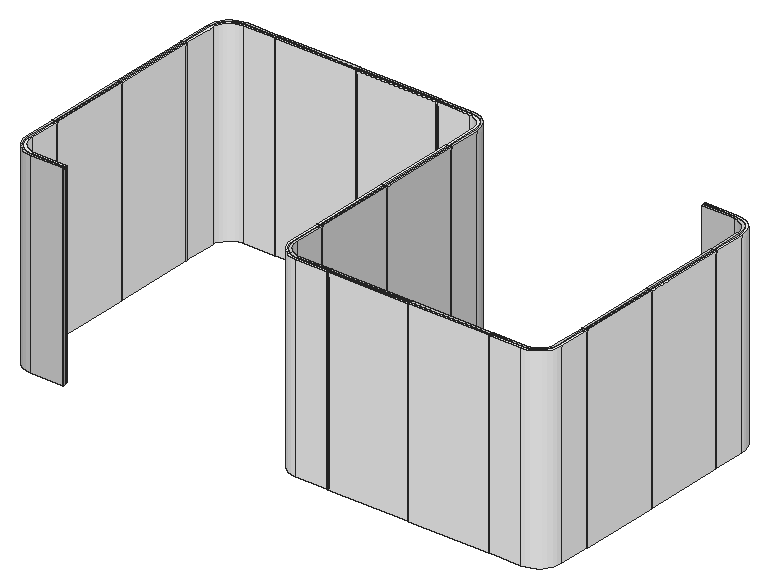
Revit family "NBS_Senator_MeetingPods_TeamSpace_PDTS18", category Furniture, Revit 2018
Family settings
  Work Plane-Based = No
  Always vertical = Yes
  Cut with Voids When Loaded = No
  Shared = No
  Room Calculation Point = No
Parameters
  WarrantyStartDate [instance] = "1900-12-31T23:59:59"
  WarrantyGuarantorParts = "contactus@thesenatorgroup.com"
  WarrantyGuarantorLabor = "n/a"
  WarrantyDurationUnit = "year"
  WarrantyDurationParts = "10"
  WarrantyDurationLabor = "n/a"
  WarrantyDescription = "Senator warrants that its manufactured products are free from manufacturing defects - in materials or workmanship - for a period of ten (10) years on Senator Seating ranges; and fifteen (15) years on Senator Desking ranges - exceptions are listed below. Senator will repair or replace (at Senator’s sole discretion) with comparable free of charge materials / components, any product / component, which fails under normal use in a single shift environment, as a result of a defect in the materials and / or workmanship"
  Version = "1"  # constant formula
  Uniclass2015Version = "Products v1.16"
  Uniclass2015Title = "Pr_40_50_12_53"
  Uniclass2015Code = "Meeting pods"
  TagNumber [instance] = "n/a"
  SustainabilityPerformance = "99% recyclable"
  Style = "Pods"
  Status = "UNSET"
  Size = "2500 x 1800 x 4950 mm"
  Shape = "n/a"
  SerialNumber [instance] = "n/a"
  SeatWidth = "n/a"
  SeatDepth = "n/a"
  Revision = "n/a"
  ReplacementCost = "n/a"
  Reference = "n/a"
  ProductInformation = "n/a"
  PodWidth = 4950 mm  # constant formula
  PodHeight = 1800 mm  # constant formula
  PodDepth = 2500 mm  # constant formula
  PanelWidth = 50 mm  # constant formula
  WallPanelBMaterial = NBS_Senator_White
  WallPanelAMaterial = NBS_Senator_StAndrews
  NominalWidth = 4950 mm
  NominalLength = 4950 mm
  NominalHeight = 1800 mm
  NominalDepth = 2500 mm
  Name = "MeetingPods_TeamSpace_PDTS18_Senator"
  NBSReference = "45-35-20/342"
  NBSDescription = "Meeting pods"
  NBSCertification = "www.nationalbimlibrary.com/cert/pp5ag0gz"
  ModelReference = "Pods-TeamSpace_PDTS18"
  ModelNumber = "PDTS18"
  Material = "Fabric, metal, plastic"
  ManufacturerURL = "www.senator.co.uk"
  ManufacturerName = "The Senator Group"
  Manufacturer = "sales@senator.co.uk"  # constant formula
  MainColor = "n/a"
  IsBuiltIn = no
  InstallationDate [instance] = "1900-12-31T23:59:59"
  MiddlePanelMaterial = NBS_Senator_White
  IfcExportType = "USERDEFINED"  # constant formula
  IfcExportAs = "IfcFurnitureType"  # constant formula
  Grade = "n/a"
  FramesColour = "Black, white"
  FinishOptions = "Carini walnut, mocha, autumn, strata oak, maple, highland oak, beech, winter oak, hacienda white, white, light grey, denim, clay, lemon sorbet"
  Finish = "Outer vertical panels upholstered in camira, blazer fabric Two tone is standard"
  Features = "Internal frame with multi-layered acoustic foam, levelling adjusters, blazer fabric, outer vertical panels"
  FabricFinishOptions = "Plymouth, fairfield, latymer, lancaster, silcoates, silverdale, st andrews, trevelyan, ulster, wellington, wesley, manchester,"
  ExpectedLife = "10"
  DurationUnit = "year"
  Description = "Double meeting space optimises interior space"
  Constituents = "n/a"
  Color = "n/a"
  CodePerformance = "n/a"
  Category = "Pr_40_50_12_53: Meeting pods"
  BarCode [instance] = "n/a"
  BIMObjectName = "NBS_Senator_MeetingPods_TeamSpace_PDTS18"
  Author = "NBS"  # constant formula
  AssetType = "Fixed"
  AssetIdentifier [instance] = "n/a"
  Accessories = "Monitor arms, PU desk accessories, desk top accessories, CPU holders, electrical accessories, coat hanger, name plate, A2 dry wipe board with hanger, A3 dry wipe board with hanger"
  AccessibilityPerformance = "n/a"
Reference planes
  plane 1 "Center (Front/Back)": y = 0
  plane 2 "Bottom": z = 0
  plane 3 "Center (Left/Right)": x = 0
  plane 4 "Left": x = -2475
  plane 5 "Right": x = 2475
  plane 6 "Back": y = 1250
  plane 7 "Front": y = -1250
  plane 8 "Top": z = 1800
  plane 9: y = 748.193
  plane 10: y = 747.193
  plane 11: y = 773.266
  plane 12: x = 2455
  plane 13: x = -2455
  plane 14: y = 1230
  plane 15: y = -1230
  plane 16: x = -25
  plane 17: x = 25
  plane 18: x = 5
  plane 19: x = -5
  plane 20: y = 1220
  plane 21: y = 1200
  plane 22: x = -2445
  plane 23: x = -2425
  plane 24: y = -1220
  plane 25: y = -1200
  plane 26: x = 2445
  plane 27: x = 2425
  plane 28: y = 0.893
  plane 29: y = -0.107
  plane 30: y = -746.406
  plane 31: y = -747.406
  plane 32: y = -772.479
  plane 33: x = -1970.593
  plane 34: x = -1994.875
  plane 35: x = -1968.8
  plane 36: x = -1969.8
  plane 37: x = -1222.5
  plane 38: x = -1221.5
  plane 39: x = -475.201
  plane 40: x = -474.201
  plane 41: x = -449.13
  plane 42: y = 772.473
  plane 43: y = 747.4
  plane 44: y = 746.4
  plane 45: y = -0.9
  plane 46: y = -747.199
  plane 47: y = -748.199
  plane 48: y = -773.272
  plane 49: x = 449.035
  plane 50: x = 474.108
  plane 51: x = 475.108
  plane 52: x = 1221.408
  plane 53: x = 1222.408
  plane 54: x = 1968.707
  plane 55: x = 1969.707
  plane 56: x = 1994.78
  plane 57: y = -774.065
  plane 58: y = -748.992
  plane 59: y = -747.992
  plane 60: y = -1.692
  plane 61: y = -0.692
  plane 62: y = 745.607
  plane 63: y = 746.607
  plane 64: y = 771.68
  plane 65: x = 1970.5
Forms (mm)
  Extrusion 1, solid, material "NBS_Senator_White" <- "MiddlePanelMaterial", detail levels medium+fine
    sketch origin (0, 0, 0) x (1, 0, 0) y (0, 1, 0)
      loop
        line (-2455, 773.266) -> (-2455, -772.479) -> (-2445, -772.479) -> (-2445, 773.266) -> (-2455, 773.266)
      loop
        line (-1994.875, 1230) -> (-1994.875, 1220) -> (-449.13, 1220) -> (-449.13, 1230) -> (-1994.875, 1230)
      loop
        line (-5, 772.473) -> (-5, -773.272) -> (5, -773.272) -> (5, 772.473) -> (-5, 772.473)
      loop
        line (449.035, -1220) -> (449.035, -1230) -> (1994.78, -1230) -> (1994.78, -1220) -> (449.035, -1220)
      loop
        line (2455, -774.065) -> (2455, 771.68) -> (2445, 771.68) -> (2445, -774.065) -> (2455, -774.065)
    from 0 to 1800
  Extrusion 2, solid, material "NBS_Senator_White" <- "WallPanelBMaterial", detail levels medium+fine
    sketch origin (0, 0, 0) x (1, 0, 0) y (0, 1, 0)
      loop
        arc (-2440, -747.406) -> (-2443.536, -748.871) -> (-2445, -752.406) r 5
        line (-2445, -752.406) -> (-2445, -1045)
        arc (-2445, -1045) -> (-2393.744, -1168.744) -> (-2270, -1220) r 175
        line (-2270, -1220) -> (-1975.593, -1220)
        arc (-1975.593, -1220) -> (-1972.057, -1218.536) -> (-1970.593, -1215) r 5
        line (-1970.593, -1215) -> (-1970.593, -1205)
        arc (-1970.593, -1205) -> (-1972.057, -1201.464) -> (-1975.593, -1200) r 5
        line (-1975.593, -1200) -> (-2270, -1200)
        arc (-2270, -1200) -> (-2379.602, -1154.602) -> (-2425, -1045) r 155
        line (-2425, -1045) -> (-2425, -752.406)
        arc (-2425, -752.406) -> (-2426.464, -748.871) -> (-2430, -747.406) r 5
        line (-2430, -747.406) -> (-2440, -747.406)
      loop
        arc (-2440, -0.107) -> (-2443.536, -1.571) -> (-2445, -5.107) r 5
        line (-2445, -5.107) -> (-2445, -741.406)
        arc (-2445, -741.406) -> (-2443.536, -744.942) -> (-2440, -746.406) r 5
        line (-2440, -746.406) -> (-2430, -746.406)
        arc (-2430, -746.406) -> (-2426.464, -744.942) -> (-2425, -741.406) r 5
        line (-2425, -741.406) -> (-2425, -5.107)
        arc (-2425, -5.107) -> (-2426.464, -1.571) -> (-2430, -0.107) r 5
        line (-2430, -0.107) -> (-2440, -0.107)
      loop
        arc (-2440, 747.193) -> (-2443.536, 745.729) -> (-2445, 742.193) r 5
        line (-2445, 742.193) -> (-2445, 5.893)
        arc (-2445, 5.893) -> (-2443.536, 2.358) -> (-2440, 0.893) r 5
        line (-2440, 0.893) -> (-2430, 0.893)
        arc (-2430, 0.893) -> (-2426.464, 2.358) -> (-2425, 5.893) r 5
        line (-2425, 5.893) -> (-2425, 742.193)
        arc (-2425, 742.193) -> (-2426.464, 745.729) -> (-2430, 747.193) r 5
        line (-2430, 747.193) -> (-2440, 747.193)
      loop
        arc (-2430, 748.193) -> (-2426.464, 749.658) -> (-2425, 753.193) r 5
        line (-2425, 753.193) -> (-2425, 1044)
        arc (-2425, 1044) -> (-2379.309, 1154.309) -> (-2269, 1200) r 156
        line (-2269, 1200) -> (-1974.8, 1200)
        arc (-1974.8, 1200) -> (-1971.265, 1201.464) -> (-1969.8, 1205) r 5
        line (-1969.8, 1205) -> (-1969.8, 1215)
        arc (-1969.8, 1215) -> (-1971.265, 1218.536) -> (-1974.8, 1220) r 5
        line (-1974.8, 1220) -> (-2270, 1220)
        arc (-2270, 1220) -> (-2393.744, 1168.744) -> (-2445, 1045) r 175
        line (-2445, 1045) -> (-2445, 753.193)
        arc (-2445, 753.193) -> (-2443.536, 749.658) -> (-2440, 748.193) r 5
        line (-2440, 748.193) -> (-2430, 748.193)
      loop
        arc (-1963.8, 1220) -> (-1967.336, 1218.536) -> (-1968.8, 1215) r 5
        line (-1968.8, 1215) -> (-1968.8, 1205)
        arc (-1968.8, 1205) -> (-1967.336, 1201.464) -> (-1963.8, 1200) r 5
        line (-1963.8, 1200) -> (-1227.5, 1200)
        arc (-1227.5, 1200) -> (-1223.965, 1201.464) -> (-1222.5, 1205) r 5
        line (-1222.5, 1205) -> (-1222.5, 1215)
        arc (-1222.5, 1215) -> (-1223.965, 1218.536) -> (-1227.5, 1220) r 5
        line (-1227.5, 1220) -> (-1963.8, 1220)
      loop
        arc (-1216.5, 1220) -> (-1220.036, 1218.536) -> (-1221.5, 1215) r 5
        line (-1221.5, 1215) -> (-1221.5, 1205)
        arc (-1221.5, 1205) -> (-1220.036, 1201.464) -> (-1216.5, 1200) r 5
        line (-1216.5, 1200) -> (-480.201, 1200)
        arc (-480.201, 1200) -> (-476.665, 1201.464) -> (-475.201, 1205) r 5
        line (-475.201, 1205) -> (-475.201, 1215)
        arc (-475.201, 1215) -> (-476.665, 1218.536) -> (-480.201, 1220) r 5
        line (-480.201, 1220) -> (-1216.5, 1220)
      loop
        line (-20, 747.4) -> (-10, 747.4)
        arc (-10, 747.4) -> (-6.464, 748.865) -> (-5, 752.4) r 5
        line (-5, 752.4) -> (-5, 1045)
        arc (-5, 1045) -> (-56.256, 1168.744) -> (-180, 1220) r 175
        line (-180, 1220) -> (-469.201, 1220)
        arc (-469.201, 1220) -> (-472.736, 1218.536) -> (-474.201, 1215) r 5
        line (-474.201, 1215) -> (-474.201, 1205)
        arc (-474.201, 1205) -> (-472.736, 1201.464) -> (-469.201, 1200) r 5
        line (-469.201, 1200) -> (-181, 1200)
        arc (-181, 1200) -> (-70.691, 1154.309) -> (-25, 1044) r 156
        line (-25, 1044) -> (-25, 752.4)
        arc (-25, 752.4) -> (-23.536, 748.865) -> (-20, 747.4) r 5
      loop
        arc (-20, 746.4) -> (-23.536, 744.936) -> (-25, 741.4) r 5
        line (-25, 741.4) -> (-25, 5)
        arc (-25, 5) -> (-23.536, 1.464) -> (-20, 0) r 5
        line (-20, 0) -> (-10, 0)
        arc (-10, 0) -> (-6.464, 1.464) -> (-5, 5) r 5
        line (-5, 5) -> (-5, 741.4)
        arc (-5, 741.4) -> (-6.464, 744.936) -> (-10, 746.4) r 5
        line (-10, 746.4) -> (-20, 746.4)
      loop
        arc (-20, -0.9) -> (-23.536, -2.364) -> (-25, -5.9) r 5
        line (-25, -5.9) -> (-25, -742.199)
        arc (-25, -742.199) -> (-23.536, -745.735) -> (-20, -747.199) r 5
        line (-20, -747.199) -> (-10, -747.199)
        arc (-10, -747.199) -> (-6.464, -745.735) -> (-5, -742.199) r 5
        line (-5, -742.199) -> (-5, -5.9)
        arc (-5, -5.9) -> (-6.464, -2.364) -> (-10, -0.9) r 5
        line (-10, -0.9) -> (-20, -0.9)
      loop
        arc (-20, -748.199) -> (-23.536, -749.664) -> (-25, -753.199) r 5
        line (-25, -753.199) -> (-25, -1040)
        arc (-25, -1040) -> (36.508, -1188.492) -> (185, -1250) r 210
        line (185, -1250) -> (469.108, -1250)
        arc (469.108, -1250) -> (472.644, -1248.536) -> (474.108, -1245) r 5
        line (474.108, -1245) -> (474.108, -1235)
        arc (474.108, -1235) -> (472.644, -1231.464) -> (469.108, -1230) r 5
        line (469.108, -1230) -> (180, -1230)
        arc (180, -1230) -> (49.185, -1175.815) -> (-5, -1045) r 185
        line (-5, -1045) -> (-5, -753.199)
        arc (-5, -753.199) -> (-6.464, -749.664) -> (-10, -748.199) r 5
        line (-10, -748.199) -> (-20, -748.199)
      loop
        arc (480.108, -1230) -> (476.573, -1231.464) -> (475.108, -1235) r 5
        line (475.108, -1235) -> (475.108, -1245)
        arc (475.108, -1245) -> (476.573, -1248.536) -> (480.108, -1250) r 5
        line (480.108, -1250) -> (1216.408, -1250)
        arc (1216.408, -1250) -> (1219.943, -1248.536) -> (1221.408, -1245) r 5
        line (1221.408, -1245) -> (1221.408, -1235)
        arc (1221.408, -1235) -> (1219.943, -1231.464) -> (1216.408, -1230) r 5
        line (1216.408, -1230) -> (480.108, -1230)
      loop
        arc (1227.408, -1230) -> (1223.872, -1231.464) -> (1222.408, -1235) r 5
        line (1222.408, -1235) -> (1222.408, -1245)
        arc (1222.408, -1245) -> (1223.872, -1248.536) -> (1227.408, -1250) r 5
        line (1227.408, -1250) -> (1963.707, -1250)
        arc (1963.707, -1250) -> (1967.243, -1248.536) -> (1968.707, -1245) r 5
        line (1968.707, -1245) -> (1968.707, -1235)
        arc (1968.707, -1235) -> (1967.243, -1231.464) -> (1963.707, -1230) r 5
        line (1963.707, -1230) -> (1227.408, -1230)
      loop
        arc (2265, -1250) -> (2413.492, -1188.492) -> (2475, -1040) r 210
        line (2475, -1040) -> (2475, -753.992)
        arc (2475, -753.992) -> (2473.536, -750.457) -> (2470, -748.992) r 5
        line (2470, -748.992) -> (2460, -748.992)
        arc (2460, -748.992) -> (2456.464, -750.457) -> (2455, -753.992) r 5
        line (2455, -753.992) -> (2455, -1045)
        arc (2455, -1045) -> (2400.815, -1175.815) -> (2270, -1230) r 185
        line (2270, -1230) -> (1974.707, -1230)
        arc (1974.707, -1230) -> (1971.172, -1231.464) -> (1969.707, -1235) r 5
        line (1969.707, -1235) -> (1969.707, -1245)
        arc (1969.707, -1245) -> (1971.172, -1248.536) -> (1974.707, -1250) r 5
        line (1974.707, -1250) -> (2265, -1250)
      loop
        arc (2470, -747.992) -> (2473.536, -746.528) -> (2475, -742.992) r 5
        line (2475, -742.992) -> (2475, -6.692)
        arc (2475, -6.692) -> (2473.536, -3.157) -> (2470, -1.692) r 5
        line (2470, -1.692) -> (2460, -1.692)
        arc (2460, -1.692) -> (2456.464, -3.157) -> (2455, -6.692) r 5
        line (2455, -6.692) -> (2455, -742.992)
        arc (2455, -742.992) -> (2456.464, -746.528) -> (2460, -747.992) r 5
        line (2460, -747.992) -> (2470, -747.992)
      loop
        arc (2460, 745.607) -> (2456.464, 744.143) -> (2455, 740.607) r 5
        line (2455, 740.607) -> (2455, 4.308)
        arc (2455, 4.308) -> (2456.464, 0.772) -> (2460, -0.692) r 5
        line (2460, -0.692) -> (2470, -0.692)
        arc (2470, -0.692) -> (2473.536, 0.772) -> (2475, 4.308) r 5
        line (2475, 4.308) -> (2475, 740.607)
        arc (2475, 740.607) -> (2473.536, 744.143) -> (2470, 745.607) r 5
        line (2470, 745.607) -> (2460, 745.607)
      loop
        arc (2470, 746.607) -> (2473.536, 748.072) -> (2475, 751.607) r 5
        line (2475, 751.607) -> (2475, 1040)
        arc (2475, 1040) -> (2413.492, 1188.492) -> (2265, 1250) r 210
        line (2265, 1250) -> (1975.5, 1250)
        arc (1975.5, 1250) -> (1971.964, 1248.536) -> (1970.5, 1245) r 5
        line (1970.5, 1245) -> (1970.5, 1235)
        arc (1970.5, 1235) -> (1971.964, 1231.464) -> (1975.5, 1230) r 5
        line (1975.5, 1230) -> (2270, 1230)
        arc (2270, 1230) -> (2400.815, 1175.815) -> (2455, 1045) r 185
        line (2455, 1045) -> (2455, 751.607)
        arc (2455, 751.607) -> (2456.464, 748.072) -> (2460, 746.607) r 5
        line (2460, 746.607) -> (2470, 746.607)
    from 0 to 1800
  Extrusion 3, solid, material "NBS_Senator_StAndrews" <- "WallPanelAMaterial", detail levels medium+fine
    sketch origin (0, 0, 0) x (1, 0, 0) y (0, 1, 0)
      loop
        arc (-1975.593, -1250) -> (-1972.057, -1248.536) -> (-1970.593, -1245) r 5
        line (-1970.593, -1245) -> (-1970.593, -1235)
        arc (-1970.593, -1235) -> (-1972.057, -1231.464) -> (-1975.593, -1230) r 5
        line (-1975.593, -1230) -> (-2270, -1230)
        arc (-2270, -1230) -> (-2400.815, -1175.815) -> (-2455, -1045) r 185
        line (-2455, -1045) -> (-2455, -752.406)
        arc (-2455, -752.406) -> (-2456.464, -748.871) -> (-2460, -747.406) r 5
        line (-2460, -747.406) -> (-2470, -747.406)
        arc (-2470, -747.406) -> (-2473.536, -748.871) -> (-2475, -752.406) r 5
        line (-2475, -752.406) -> (-2475, -1040)
        arc (-2475, -1040) -> (-2413.492, -1188.492) -> (-2265, -1250) r 210
        line (-2265, -1250) -> (-1975.593, -1250)
      loop
        line (-2470, -746.406) -> (-2460, -746.406)
        arc (-2460, -746.406) -> (-2456.464, -744.942) -> (-2455, -741.406) r 5
        line (-2455, -741.406) -> (-2455, -5.107)
        arc (-2455, -5.107) -> (-2456.464, -1.571) -> (-2460, -0.107) r 5
        line (-2460, -0.107) -> (-2470, -0.107)
        arc (-2470, -0.107) -> (-2473.536, -1.571) -> (-2475, -5.107) r 5
        line (-2475, -5.107) -> (-2475, -741.406)
        arc (-2475, -741.406) -> (-2473.536, -744.942) -> (-2470, -746.406) r 5
      loop
        line (-2470, 0.893) -> (-2460, 0.893)
        arc (-2460, 0.893) -> (-2456.464, 2.358) -> (-2455, 5.893) r 5
        line (-2455, 5.893) -> (-2455, 742.193)
        arc (-2455, 742.193) -> (-2456.464, 745.729) -> (-2460, 747.193) r 5
        line (-2460, 747.193) -> (-2470, 747.193)
        arc (-2470, 747.193) -> (-2473.536, 745.729) -> (-2475, 742.193) r 5
        line (-2475, 742.193) -> (-2475, 5.893)
        arc (-2475, 5.893) -> (-2473.536, 2.358) -> (-2470, 0.893) r 5
      loop
        line (-2470, 748.193) -> (-2460, 748.193)
        arc (-2460, 748.193) -> (-2456.464, 749.658) -> (-2455, 753.193) r 5
        line (-2455, 753.193) -> (-2455, 1045)
        arc (-2455, 1045) -> (-2400.815, 1175.815) -> (-2270, 1230) r 185
        line (-2270, 1230) -> (-1974.8, 1230)
        arc (-1974.8, 1230) -> (-1971.265, 1231.464) -> (-1969.8, 1235) r 5
        line (-1969.8, 1235) -> (-1969.8, 1245)
        arc (-1969.8, 1245) -> (-1971.265, 1248.536) -> (-1974.8, 1250) r 5
        line (-1974.8, 1250) -> (-2265, 1250)
        arc (-2265, 1250) -> (-2413.492, 1188.492) -> (-2475, 1040) r 210
        line (-2475, 1040) -> (-2475, 753.193)
        arc (-2475, 753.193) -> (-2473.536, 749.658) -> (-2470, 748.193) r 5
      loop
        arc (-1963.8, 1250) -> (-1967.336, 1248.536) -> (-1968.8, 1245) r 5
        line (-1968.8, 1245) -> (-1968.8, 1235)
        arc (-1968.8, 1235) -> (-1967.336, 1231.464) -> (-1963.8, 1230) r 5
        line (-1963.8, 1230) -> (-1227.5, 1230)
        arc (-1227.5, 1230) -> (-1223.965, 1231.464) -> (-1222.5, 1235) r 5
        line (-1222.5, 1235) -> (-1222.5, 1245)
        arc (-1222.5, 1245) -> (-1223.965, 1248.536) -> (-1227.5, 1250) r 5
        line (-1227.5, 1250) -> (-1963.8, 1250)
      loop
        arc (-1216.5, 1250) -> (-1220.036, 1248.536) -> (-1221.5, 1245) r 5
        line (-1221.5, 1245) -> (-1221.5, 1235)
        arc (-1221.5, 1235) -> (-1220.036, 1231.464) -> (-1216.5, 1230) r 5
        line (-1216.5, 1230) -> (-480.201, 1230)
        arc (-480.201, 1230) -> (-476.665, 1231.464) -> (-475.201, 1235) r 5
        line (-475.201, 1235) -> (-475.201, 1245)
        arc (-475.201, 1245) -> (-476.665, 1248.536) -> (-480.201, 1250) r 5
        line (-480.201, 1250) -> (-1216.5, 1250)
      loop
        arc (-469.201, 1250) -> (-472.736, 1248.536) -> (-474.201, 1245) r 5
        line (-474.201, 1245) -> (-474.201, 1235)
        arc (-474.201, 1235) -> (-472.736, 1231.464) -> (-469.201, 1230) r 5
        line (-469.201, 1230) -> (-180, 1230)
        arc (-180, 1230) -> (-49.185, 1175.815) -> (5, 1045) r 185
        line (5, 1045) -> (5, 752.4)
        arc (5, 752.4) -> (6.464, 748.865) -> (10, 747.4) r 5
        line (10, 747.4) -> (20, 747.4)
        arc (20, 747.4) -> (23.536, 748.865) -> (25, 752.4) r 5
        line (25, 752.4) -> (25, 1040)
        arc (25, 1040) -> (-36.508, 1188.492) -> (-185, 1250) r 210
        line (-185, 1250) -> (-469.201, 1250)
      loop
        arc (10, 746.4) -> (6.464, 744.936) -> (5, 741.4) r 5
        line (5, 741.4) -> (5, 5)
        arc (5, 5) -> (6.464, 1.464) -> (10, 0) r 5
        line (10, 0) -> (20, 0)
        arc (20, 0) -> (23.536, 1.464) -> (25, 5) r 5
        line (25, 5) -> (25, 741.4)
        arc (25, 741.4) -> (23.536, 744.936) -> (20, 746.4) r 5
        line (20, 746.4) -> (10, 746.4)
      loop
        arc (10, -0.9) -> (6.464, -2.364) -> (5, -5.9) r 5
        line (5, -5.9) -> (5, -742.199)
        arc (5, -742.199) -> (6.464, -745.735) -> (10, -747.199) r 5
        line (10, -747.199) -> (20, -747.199)
        arc (20, -747.199) -> (23.536, -745.735) -> (25, -742.199) r 5
        line (25, -742.199) -> (25, -5.9)
        arc (25, -5.9) -> (23.536, -2.364) -> (20, -0.9) r 5
        line (20, -0.9) -> (10, -0.9)
      loop
        arc (10, -748.199) -> (6.464, -749.664) -> (5, -753.199) r 5
        line (5, -753.199) -> (5, -1045)
        arc (5, -1045) -> (56.256, -1168.744) -> (180, -1220) r 175
        line (180, -1220) -> (469.108, -1220)
        arc (469.108, -1220) -> (472.644, -1218.536) -> (474.108, -1215) r 5
        line (474.108, -1215) -> (474.108, -1205)
        arc (474.108, -1205) -> (472.644, -1201.464) -> (469.108, -1200) r 5
        line (469.108, -1200) -> (180, -1200)
        arc (180, -1200) -> (70.398, -1154.602) -> (25, -1045) r 155
        line (25, -1045) -> (25, -753.199)
        arc (25, -753.199) -> (23.536, -749.664) -> (20, -748.199) r 5
        line (20, -748.199) -> (10, -748.199)
      loop
        arc (480.108, -1200) -> (476.573, -1201.464) -> (475.108, -1205) r 5
        line (475.108, -1205) -> (475.108, -1215)
        arc (475.108, -1215) -> (476.573, -1218.536) -> (480.108, -1220) r 5
        line (480.108, -1220) -> (1216.408, -1220)
        arc (1216.408, -1220) -> (1219.943, -1218.536) -> (1221.408, -1215) r 5
        line (1221.408, -1215) -> (1221.408, -1205)
        arc (1221.408, -1205) -> (1219.943, -1201.464) -> (1216.408, -1200) r 5
        line (1216.408, -1200) -> (480.108, -1200)
      loop
        arc (1227.408, -1200) -> (1223.872, -1201.464) -> (1222.408, -1205) r 5
        line (1222.408, -1205) -> (1222.408, -1215)
        arc (1222.408, -1215) -> (1223.872, -1218.536) -> (1227.408, -1220) r 5
        line (1227.408, -1220) -> (1963.707, -1220)
        arc (1963.707, -1220) -> (1967.243, -1218.536) -> (1968.707, -1215) r 5
        line (1968.707, -1215) -> (1968.707, -1205)
        arc (1968.707, -1205) -> (1967.243, -1201.464) -> (1963.707, -1200) r 5
        line (1963.707, -1200) -> (1227.408, -1200)
      loop
        arc (1974.707, -1200) -> (1971.172, -1201.464) -> (1969.707, -1205) r 5
        line (1969.707, -1205) -> (1969.707, -1215)
        arc (1969.707, -1215) -> (1971.172, -1218.536) -> (1974.707, -1220) r 5
        line (1974.707, -1220) -> (2270, -1220)
        arc (2270, -1220) -> (2393.744, -1168.744) -> (2445, -1045) r 175
        line (2445, -1045) -> (2445, -753.992)
        arc (2445, -753.992) -> (2443.536, -750.457) -> (2440, -748.992) r 5
        line (2440, -748.992) -> (2430, -748.992)
        arc (2430, -748.992) -> (2426.464, -750.457) -> (2425, -753.992) r 5
        line (2425, -753.992) -> (2425, -1045)
        arc (2425, -1045) -> (2379.602, -1154.602) -> (2270, -1200) r 155
        line (2270, -1200) -> (1974.707, -1200)
      loop
        arc (2430, -1.692) -> (2426.464, -3.157) -> (2425, -6.692) r 5
        line (2425, -6.692) -> (2425, -742.992)
        arc (2425, -742.992) -> (2426.464, -746.528) -> (2430, -747.992) r 5
        line (2430, -747.992) -> (2440, -747.992)
        arc (2440, -747.992) -> (2443.536, -746.528) -> (2445, -742.992) r 5
        line (2445, -742.992) -> (2445, -6.692)
        arc (2445, -6.692) -> (2443.536, -3.157) -> (2440, -1.692) r 5
        line (2440, -1.692) -> (2430, -1.692)
      loop
        arc (2430, 745.607) -> (2426.464, 744.143) -> (2425, 740.607) r 5
        line (2425, 740.607) -> (2425, 4.308)
        arc (2425, 4.308) -> (2426.464, 0.772) -> (2430, -0.692) r 5
        line (2430, -0.692) -> (2440, -0.692)
        arc (2440, -0.692) -> (2443.536, 0.772) -> (2445, 4.308) r 5
        line (2445, 4.308) -> (2445, 740.607)
        arc (2445, 740.607) -> (2443.536, 744.143) -> (2440, 745.607) r 5
        line (2440, 745.607) -> (2430, 745.607)
      loop
        line (2430, 746.607) -> (2440, 746.607)
        arc (2440, 746.607) -> (2443.536, 748.072) -> (2445, 751.607) r 5
        line (2445, 751.607) -> (2445, 1045)
        arc (2445, 1045) -> (2393.744, 1168.744) -> (2270, 1220) r 175
        line (2270, 1220) -> (1975.5, 1220)
        arc (1975.5, 1220) -> (1971.964, 1218.536) -> (1970.5, 1215) r 5
        line (1970.5, 1215) -> (1970.5, 1205)
        arc (1970.5, 1205) -> (1971.964, 1201.464) -> (1975.5, 1200) r 5
        line (1975.5, 1200) -> (2270, 1200)
        arc (2270, 1200) -> (2379.602, 1154.602) -> (2425, 1045) r 155
        line (2425, 1045) -> (2425, 751.607)
        arc (2425, 751.607) -> (2426.464, 748.072) -> (2430, 746.607) r 5
    from 0 to 1800
  Extrusion 4, solid, material "NBS_Senator_White" <- "WallPanelBMaterial", detail levels coarse
    sketch origin (0, 0, 0) x (1, 0, 0) y (0, 1, 0)
      loop
        line (-1970.593, -1250) -> (-1970.593, -1200) -> (-2270, -1200)
        arc (-2270, -1200) -> (-2379.602, -1154.602) -> (-2425, -1045) r 155
        line (-2425, -1045) -> (-2425, 1045)
        arc (-2425, 1045) -> (-2379.602, 1154.602) -> (-2270, 1200) r 155
        line (-2270, 1200) -> (-180, 1200)
        arc (-180, 1200) -> (-70.398, 1154.602) -> (-25, 1045) r 155
        line (-25, 1045) -> (-25, -1040)
        arc (-25, -1040) -> (36.508, -1188.492) -> (185, -1250) r 210
        line (185, -1250) -> (2265, -1250)
        arc (2265, -1250) -> (2413.492, -1188.492) -> (2475, -1040) r 210
        line (2475, -1040) -> (2475, 1040)
        arc (2475, 1040) -> (2413.492, 1188.492) -> (2265, 1250) r 210
        line (2265, 1250) -> (1970.5, 1250) -> (1970.5, 1200) -> (2270, 1200)
        arc (2270, 1200) -> (2379.602, 1154.602) -> (2425, 1045) r 155
        line (2425, 1045) -> (2425, -1045)
        arc (2425, -1045) -> (2379.602, -1154.602) -> (2270, -1200) r 155
        line (2270, -1200) -> (180, -1200)
        arc (180, -1200) -> (70.398, -1154.602) -> (25, -1045) r 155
        line (25, -1045) -> (25, 1040)
        arc (25, 1040) -> (-36.508, 1188.492) -> (-185, 1250) r 210
        line (-185, 1250) -> (-2265, 1250)
        arc (-2265, 1250) -> (-2413.492, 1188.492) -> (-2475, 1040) r 210
        line (-2475, 1040) -> (-2475, -1040)
        arc (-2475, -1040) -> (-2413.492, -1188.492) -> (-2265, -1250) r 210
        line (-2265, -1250) -> (-1970.593, -1250)
    from 0 to 1800
Dimensions and locks
  "PodWidth": plane 4 "Left" to plane 5 "Right"
  "PodDepth": plane 7 "Front" to plane 6 "Back"
  "PodHeight": plane 8 "Top" to plane 2 "Bottom"
  "PanelWidth": plane 4 "Left" to plane 23
  "PanelWidth": plane 21 to plane 6 "Back"
  "PanelWidth": plane 7 "Front" to plane 25
  "PanelWidth": plane 16 to plane 17
  "PanelWidth": plane 27 to plane 5 "Right"
  aligned and locked: level to plane 2 "Bottom"
  aligned and locked: plane 32 to Extrusion 1 sketch curve
  aligned and locked: Extrusion 1 sketch curve to plane 22
  aligned and locked: plane 13 to Extrusion 1 sketch curve
  aligned and locked: Extrusion 1 sketch curve to plane 11
  aligned and locked: Extrusion 1 to plane 2 "Bottom"
  aligned and locked: plane 8 "Top" to Extrusion 1
  aligned and locked: Extrusion 1 sketch curve to plane 20
  aligned and locked: plane 41 to Extrusion 1 sketch curve
  aligned and locked: plane 14 to Extrusion 1 sketch curve
  aligned and locked: plane 34 to Extrusion 1 sketch curve
  aligned and locked: plane 48 to Extrusion 1 sketch curve
  aligned and locked: plane 19 to Extrusion 1 sketch curve
  aligned and locked: Extrusion 1 sketch curve to plane 18
  aligned and locked: Extrusion 1 sketch curve to plane 42
  aligned and locked: Extrusion 1 sketch curve to plane 15
  aligned and locked: plane 24 to Extrusion 1 sketch curve
  aligned and locked: plane 56 to Extrusion 1 sketch curve
  aligned and locked: Extrusion 1 sketch curve to plane 49
  aligned and locked: Extrusion 1 sketch curve to plane 64
  aligned and locked: plane 26 to Extrusion 1 sketch curve
  aligned and locked: Extrusion 1 sketch curve to plane 12
  aligned and locked: plane 57 to Extrusion 1 sketch curve
  aligned and locked: plane 22 to Extrusion 2 sketch curve  (x3)
  aligned and locked: Extrusion 2 sketch curve to plane 23  (x3)
  aligned and locked: Extrusion 2 sketch curve to plane 31
  aligned and locked: Extrusion 2 sketch curve to plane 24
  aligned and locked: plane 25 to Extrusion 2 sketch curve
  aligned and locked: Extrusion 2 sketch curve to plane 33
  aligned and locked: Extrusion 2 to plane 2 "Bottom"
  aligned and locked: plane 8 "Top" to Extrusion 2
  aligned and locked: Extrusion 2 sketch curve to plane 29
  aligned and locked: plane 30 to Extrusion 2 sketch curve
  aligned and locked: plane 28 to Extrusion 2 sketch curve
  aligned and locked: Extrusion 2 sketch curve to plane 10
  aligned and locked: Extrusion 2 sketch curve to plane 21  (x2)
  aligned and locked: Extrusion 2 sketch curve to plane 35
  aligned and locked: plane 20 to Extrusion 2 sketch curve  (x2)
  aligned and locked: plane 37 to Extrusion 2 sketch curve
  aligned and locked: plane 39 to Extrusion 2 sketch curve
  aligned and locked: Extrusion 2 sketch curve to plane 38
  aligned and locked: plane 19 to Extrusion 2 sketch curve
  aligned and locked: Extrusion 2 sketch curve to plane 16
  aligned and locked: Extrusion 2 sketch curve to plane 43
  aligned and locked: plane 40 to Extrusion 2 sketch curve
  aligned and locked: Extrusion 2 sketch curve to plane 20
  aligned and locked: plane 21 to Extrusion 2 sketch curve
  aligned and locked: plane 16 to Extrusion 2 sketch curve  (x3)
  aligned and locked: Extrusion 2 sketch curve to plane 44
  aligned and locked: Extrusion 2 sketch curve to plane 19  (x3)
  aligned and locked: Extrusion 2 sketch curve to plane 1 "Center (Front/Back)"
  aligned and locked: Extrusion 2 sketch curve to plane 45
  aligned and locked: plane 46 to Extrusion 2 sketch curve
  aligned and locked: Extrusion 2 sketch curve to plane 47
  aligned and locked: Extrusion 2 sketch curve to plane 50
  aligned and locked: Extrusion 2 sketch curve to plane 15
  aligned and locked: plane 7 "Front" to Extrusion 2 sketch curve
  aligned and locked: Extrusion 2 sketch curve to plane 51
  aligned and locked: plane 15 to Extrusion 2 sketch curve  (x3)
  aligned and locked: Extrusion 2 sketch curve to plane 7 "Front"  (x3)
  aligned and locked: plane 52 to Extrusion 2 sketch curve
  aligned and locked: plane 54 to Extrusion 2 sketch curve
  aligned and locked: Extrusion 2 sketch curve to plane 53
  aligned and locked: Extrusion 2 sketch curve to plane 55
  aligned and locked: plane 12 to Extrusion 2 sketch curve  (x2)
  aligned and locked: Extrusion 2 sketch curve to plane 5 "Right"  (x2)
  aligned and locked: Extrusion 2 sketch curve to plane 58
  aligned and locked: plane 59 to Extrusion 2 sketch curve
  aligned and locked: Extrusion 2 sketch curve to plane 60
  aligned and locked: Extrusion 3 sketch curve to plane 33
  aligned and locked: Extrusion 3 sketch curve to plane 7 "Front"
  aligned and locked: plane 15 to Extrusion 3 sketch curve
  aligned and locked: plane 4 "Left" to Extrusion 3 sketch curve
  aligned and locked: Extrusion 3 sketch curve to plane 13
  aligned and locked: Extrusion 3 sketch curve to plane 31
  aligned and locked: Extrusion 3 to plane 2 "Bottom"
  aligned and locked: plane 8 "Top" to Extrusion 3
  aligned and locked: Extrusion 3 sketch curve to plane 30
  aligned and locked: Extrusion 3 sketch curve to plane 4 "Left"  (x3)
  aligned and locked: plane 13 to Extrusion 3 sketch curve  (x3)
  aligned and locked: plane 29 to Extrusion 3 sketch curve
  aligned and locked: Extrusion 3 sketch curve to plane 28
  aligned and locked: plane 10 to Extrusion 3 sketch curve
  aligned and locked: Extrusion 3 sketch curve to plane 9
  aligned and locked: plane 14 to Extrusion 3 sketch curve
  aligned and locked: Extrusion 3 sketch curve to plane 6 "Back"
  aligned and locked: Extrusion 3 sketch curve to plane 36
  aligned and locked: plane 6 "Back" to Extrusion 3 sketch curve  (x3)
  aligned and locked: plane 37 to Extrusion 3 sketch curve
  aligned and locked: Extrusion 3 sketch curve to plane 14  (x3)
  aligned and locked: Extrusion 3 sketch curve to plane 35
  aligned and locked: Extrusion 3 sketch curve to plane 38
  aligned and locked: plane 39 to Extrusion 3 sketch curve
  aligned and locked: Extrusion 3 sketch curve to plane 40
  aligned and locked: plane 43 to Extrusion 3 sketch curve
  aligned and locked: Extrusion 3 sketch curve to plane 17  (x4)
  aligned and locked: plane 18 to Extrusion 3 sketch curve  (x4)
  aligned and locked: Extrusion 3 sketch curve to plane 1 "Center (Front/Back)"
  aligned and locked: Extrusion 3 sketch curve to plane 44
  aligned and locked: plane 46 to Extrusion 3 sketch curve
  aligned and locked: Extrusion 3 sketch curve to plane 45
  aligned and locked: plane 50 to Extrusion 3 sketch curve
  aligned and locked: plane 25 to Extrusion 3 sketch curve  (x4)
  aligned and locked: Extrusion 3 sketch curve to plane 24  (x4)
  aligned and locked: Extrusion 3 sketch curve to plane 47
  aligned and locked: Extrusion 3 sketch curve to plane 51
  aligned and locked: plane 52 to Extrusion 3 sketch curve
  aligned and locked: Extrusion 3 sketch curve to plane 53
  aligned and locked: plane 54 to Extrusion 3 sketch curve
  aligned and locked: Extrusion 3 sketch curve to plane 58
  aligned and locked: plane 27 to Extrusion 3 sketch curve  (x3)
  aligned and locked: Extrusion 3 sketch curve to plane 26  (x3)
  aligned and locked: Extrusion 3 sketch curve to plane 55
  aligned and locked: Extrusion 3 sketch curve to plane 60
  aligned and locked: plane 59 to Extrusion 3 sketch curve
  aligned and locked: Extrusion 3 sketch curve to plane 62
  aligned and locked: plane 61 to Extrusion 3 sketch curve
  aligned and locked: Extrusion 3 sketch curve to plane 63
  aligned and locked: Extrusion 3 sketch curve to plane 27
  aligned and locked: plane 26 to Extrusion 3 sketch curve
  aligned and locked: Extrusion 3 sketch curve to plane 21
  aligned and locked: Extrusion 3 sketch curve to plane 65
  aligned and locked: plane 20 to Extrusion 3 sketch curve
  aligned and locked: Extrusion 4 sketch curve to plane 25  (x2)
  aligned and locked: plane 7 "Front" to Extrusion 4 sketch curve  (x2)
  aligned and locked: plane 33 to Extrusion 4 sketch curve
  aligned and locked: plane 23 to Extrusion 4 sketch curve
  aligned and locked: Extrusion 4 sketch curve to plane 4 "Left"
  aligned and locked: Extrusion 4 sketch curve to plane 6 "Back"  (x2)
  aligned and locked: plane 21 to Extrusion 4 sketch curve  (x2)
  aligned and locked: Extrusion 4 sketch curve to plane 16
  aligned and locked: plane 17 to Extrusion 4 sketch curve
  aligned and locked: Extrusion 4 sketch curve to plane 27
  aligned and locked: plane 5 "Right" to Extrusion 4 sketch curve
  aligned and locked: plane 65 to Extrusion 4 sketch curve
  aligned and locked: Extrusion 4 to plane 2 "Bottom"
  aligned and locked: plane 8 "Top" to Extrusion 4
Automatic sketch dimensions
  Extrusion 2 sketch curve to Extrusion 2 sketch curve = 0 mm  (x4)
  Extrusion 2 sketch curve to plane 22 = 0 mm
  Extrusion 2 sketch curve to plane 9 = 0 mm
  Extrusion 2 sketch curve to plane 23 = 0 mm
  plane 20 to Extrusion 2 sketch curve = 0 mm
  plane 21 to Extrusion 2 sketch curve = 0 mm
  Extrusion 2 sketch curve to plane 36 = 0 mm
  Extrusion 2 sketch curve to plane 65 = 0 mm
  plane 14 to Extrusion 2 sketch curve = 0 mm
  plane 6 "Back" to Extrusion 2 sketch curve = 0 mm
  Extrusion 2 sketch curve to plane 12 = 0 mm  (x2)
  Extrusion 2 sketch curve to plane 62 = 0 mm
  Extrusion 2 sketch curve to plane 61 = 0 mm
  Extrusion 2 sketch curve to plane 63 = 0 mm
  Extrusion 2 sketch curve to plane 5 "Right" = 0 mm  (x2)
  plane 22 to Extrusion 2 sketch curve = 5 mm  (x3)
  Extrusion 2 sketch curve to plane 60 = 3.414 mm
  Extrusion 2 sketch curve to Extrusion 2 sketch curve = 5 mm  (x5)
  Extrusion 2 sketch curve to plane 58 = 3.414 mm  (x2)
  Extrusion 2 sketch curve to plane 23 = 5 mm  (x2)
  Extrusion 2 sketch curve to plane 62 = 3.414 mm
  plane 21 to Extrusion 2 sketch curve = 155 mm
  plane 23 to Extrusion 2 sketch curve = 155 mm
  Extrusion 2 sketch curve to Extrusion 2 sketch curve = 1 mm  (x2)
  Extrusion 2 sketch curve to plane 33 = 5 mm  (x2)
  Extrusion 2 sketch curve to plane 33 = 4.208 mm  (x2)
  plane 20 to Extrusion 2 sketch curve = 5 mm  (x3)
  Extrusion 2 sketch curve to plane 35 = 5 mm
  Extrusion 2 sketch curve to plane 21 = 5 mm
  Extrusion 2 sketch curve to plane 38 = 5 mm  (x2)
  plane 39 to Extrusion 2 sketch curve = 5 mm
  Extrusion 2 sketch curve to plane 40 = 5 mm  (x2)
  Extrusion 2 sketch curve to plane 16 = 156 mm
  plane 16 to Extrusion 2 sketch curve = 5 mm  (x3)
  Extrusion 2 sketch curve to plane 60 = 4.207 mm
  plane 30 to Extrusion 2 sketch curve = 4.207 mm
  Extrusion 2 sketch curve to plane 19 = 5 mm  (x3)
  plane 9 to Extrusion 2 sketch curve = 4.207 mm
  Extrusion 2 sketch curve to plane 58 = 4.207 mm
  plane 28 to Extrusion 2 sketch curve = 4.107 mm
  plane 17 to Extrusion 2 sketch curve = 155 mm
  plane 15 to Extrusion 2 sketch curve = 5 mm  (x4)
  plane 50 to Extrusion 2 sketch curve = 5 mm
  Extrusion 2 sketch curve to plane 51 = 5 mm  (x2)
  Extrusion 2 sketch curve to plane 7 "Front" = 5 mm  (x2)
  Extrusion 2 sketch curve to plane 53 = 5 mm
  Extrusion 2 sketch curve to plane 65 = 4.208 mm  (x2)
  Extrusion 2 sketch curve to plane 14 = 5 mm
  plane 6 "Back" to Extrusion 2 sketch curve = 5 mm
  Extrusion 2 sketch curve to plane 25 = 160 mm
  Extrusion 2 sketch curve to plane 27 = 155 mm
  plane 12 to Extrusion 2 sketch curve = 5 mm  (x3)
  plane 9 to Extrusion 2 sketch curve = 3.414 mm  (x2)
  plane 30 to Extrusion 2 sketch curve = 3.414 mm  (x2)
  Extrusion 2 sketch curve to plane 5 "Right" = 5 mm  (x3)
  plane 28 to Extrusion 2 sketch curve = 3.414 mm
  Extrusion 3 sketch curve to Extrusion 3 sketch curve = 0 mm  (x6)
  plane 4 "Left" to Extrusion 3 sketch curve = 5 mm  (x4)
  Extrusion 3 sketch curve to plane 58 = 3.414 mm  (x2)
  Extrusion 3 sketch curve to plane 60 = 3.414 mm
  Extrusion 3 sketch curve to plane 13 = 5 mm  (x4)
  Extrusion 3 sketch curve to Extrusion 3 sketch curve = 5 mm  (x6)
  plane 23 to Extrusion 3 sketch curve = 155 mm  (x2)
  Extrusion 3 sketch curve to plane 33 = 5 mm
  Extrusion 3 sketch curve to plane 7 "Front" = 5 mm
  Extrusion 3 sketch curve to plane 33 = 4.208 mm  (x2)
  Extrusion 3 sketch curve to plane 35 = 5 mm  (x2)
  Extrusion 3 sketch curve to plane 14 = 5 mm
  plane 6 "Back" to Extrusion 3 sketch curve = 5 mm  (x3)
  Extrusion 3 sketch curve to plane 38 = 5 mm  (x2)
  plane 39 to Extrusion 3 sketch curve = 5 mm
  Extrusion 3 sketch curve to plane 40 = 5 mm
  Extrusion 3 sketch curve to plane 16 = 160 mm
  plane 18 to Extrusion 3 sketch curve = 5 mm  (x3)
  Extrusion 3 sketch curve to plane 60 = 4.207 mm
  plane 9 to Extrusion 3 sketch curve = 4.207 mm
  plane 30 to Extrusion 3 sketch curve = 4.207 mm
  Extrusion 3 sketch curve to plane 17 = 5 mm  (x2)
  Extrusion 3 sketch curve to plane 58 = 4.207 mm
  plane 28 to Extrusion 3 sketch curve = 4.107 mm
  Extrusion 3 sketch curve to plane 62 = 4.207 mm
  plane 17 to Extrusion 3 sketch curve = 155 mm
  Extrusion 3 sketch curve to plane 24 = 5 mm  (x3)
  plane 50 to Extrusion 3 sketch curve = 5 mm
  plane 25 to Extrusion 3 sketch curve = 5 mm  (x3)
  Extrusion 3 sketch curve to plane 53 = 5 mm  (x2)
  Extrusion 3 sketch curve to plane 65 = 4.208 mm  (x2)
  Extrusion 3 sketch curve to plane 21 = 5 mm
  plane 20 to Extrusion 3 sketch curve = 5 mm
  Extrusion 3 sketch curve to plane 27 = 155 mm
  Extrusion 3 sketch curve to Extrusion 3 sketch curve = 155 mm
  plane 27 to Extrusion 3 sketch curve = 5 mm  (x2)
  plane 9 to Extrusion 3 sketch curve = 3.414 mm  (x2)
  Extrusion 3 sketch curve to plane 26 = 5 mm  (x3)
  plane 28 to Extrusion 3 sketch curve = 3.414 mm
  plane 30 to Extrusion 3 sketch curve = 3.414 mm
  plane 23 to Extrusion 4 sketch curve = 155 mm  (x2)
  Extrusion 4 sketch curve to Extrusion 4 sketch curve = 5 mm  (x6)
  Extrusion 4 sketch curve to plane 16 = 160 mm
  Extrusion 4 sketch curve to Extrusion 4 sketch curve = 155 mm
  Extrusion 4 sketch curve to plane 27 = 160 mm
  Extrusion 4 sketch curve to plane 27 = 155 mm
